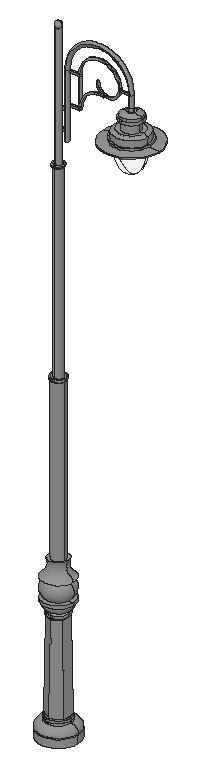
Revit family "svetilnik_alfresco_elegant-1-8_i_1-10", category Lighting Fixtures, Revit 2016 (continued)
Definition of nested family "Элегант"
  Types (2, lengths in mm): name | Photometric Web File | built-in parameter 1150105 | Lumens | built-in parameter 1150106 | built-in parameter 1150142 | Wattage
      665 44.52 63.315 82.095 112.86 143.625 192.36 241.08 369.00 496.935 736.785 976.635 1148.925 1321.215 1371.87 1422.525 1441.59 1460.655 1455.285 1449.9301 1357.77 1265.61 1075.365 885.135 645.78 406.41 281.40 156.39 130.80 105.21 85.245 65.28 \r\n49.71 34.125 26.415 18.72\r\n24.615 34.575 44.52 63.615 82.695 112.815 142.935 190.005 237.06 358.335 479.595 722.31 965.025 1106.04 1247.0699 1311.1801 1375.275 1404.885 1434.495 1421.4301 1408.365 1314.825 1221.285 1039.995 858.72 622.665 386.595 271.44 156.285 131.37 106.44 86.34 \r\n66.255 50.085 33.915 26.235 18.57\r\n24.39 34.38 44.37 63.615 82.845 112.56 142.26 187.65 233.025 349.98 466.935 690.075 913.23 1069.02 1224.825 1296.21 1367.61 1385.955 1404.3149 1386.45 1368.60 1257.99 1147.365 996.315 845.265 617.415 389.565 272.595 155.64 130.995 106.365 86.505 66.645 \r\n50.265 33.90 26.10 18.30\r\n24.165 34.23 44.31 63.60 82.89 112.14 141.39 186.315 231.225 343.47 455.715 679.83 903.96 1050.90 1197.84 1260.495 1323.15 1346.865 1370.595 1349.115 1327.635 1221.165 1114.6801 958.26 801.855 592.095 382.335 269.70 157.065 132.975 108.885 88.11 67.335 \r\n50.595 33.84 25.965 18.075\r\n23.925 34.11 44.31 63.81 83.31 112.545 141.795 184.155 226.50 332.175 437.85 660.975 884.115 1029.225 1174.335 1218.855 1263.36 1306.89 1350.4351 1320.4351 1290.4351 1200.5699 1110.705 956.745 802.77 583.92 365.055 261.06 157.065 134.22 111.375 89.595 \r\n67.815 50.76 33.705 25.80 17.88\r\n23.685 33.90 44.13 64.065 84.015 112.80 141.60 181.965 222.33 327.765 433.20 646.035 858.885 976.77 1094.67 1169.955 1245.225 1290.375 1335.51 1295.235 1254.9449 1172.625 1090.3051 923.25 756.21 563.415 370.62 264.51 158.385 134.805 111.21 89.745 68.28 \r\n50.895 33.51 25.62 17.715\r\n23.475 33.765 44.07 64.29 84.51 112.695 140.88 182.55 224.235 328.635 433.05 630.495 827.955 947.265 1066.575 1143.9449 1221.3149 1259.955 1298.595 1261.725 1224.87 1109.895 994.905 876.465 758.01 562.575 367.14 264.885 162.645 137.265 111.885 90.24 \r\n68.595 51.03 33.45 25.485 17.52\r\n23.295 33.675 44.07 64.485 84.90 113.055 141.21 183.36 225.525 331.98 438.45 611.19 783.93 920.76 1057.59 1126.095 1194.615 1215.12 1235.625 1221.8101 1208.01 1088.505 969.015 842.595 716.175 544.11 372.045 268.65 165.24 139.47 113.715 91.53 69.33 51.375 \r\n33.405 25.35 17.31\r\n23.115 33.555 43.995 64.485 84.975 113.16 141.33 182.085 222.84 320.01 417.165 593.115 769.065 894.18 1019.28 1069.785 1120.275 1167.72 1215.1801 1191.4351 1167.705 1079.91 992.13 835.875 679.62 522.435 365.25 266.265 167.28 142.005 116.745 93.165 69.60 \r\n51.435 33.27 25.17 17.07\r\n22.935 33.375 43.83 64.68 85.545 113.70 141.87 182.025 222.165 311.46 400.755 579.00 757.26 869.82 982.38 1035.705 1089.03 1153.92 1218.8101 1169.22 1119.615 1032.135 944.67 805.47 666.27 505.92 345.585 256.65 167.715 142.095 116.46 93.285 70.095 51.555 \r\n33.015 24.90 16.785\r\n22.65 33.165 43.665 65.025 86.385 114.27 142.14 183.165 224.175 309.555 394.935 555.78 716.61 826.89 937.155 1000.20 1063.245 1115.475 1167.72 1123.425 1079.145 993.855 908.565 792.75 676.92 510.39 343.845 257.91 171.975 143.835 115.68 93.225 70.755 51.75\r\n 32.745 24.615 16.50\r\n22.35 32.895 43.44 65.10 86.76 115.02 143.28 182.835 222.39 321.555 420.72 556.215 691.71 800.205 908.70 959.835 1010.955 998.79 986.61 987.015 987.42 932.01 876.60 758.10 639.60 509.76 379.92 277.50 175.065 145.65 116.22 93.765 71.31 51.96 32.61 24.405 \r\n16.20\r\n21.99 32.55 43.095 64.98 86.88 114.75 142.62 182.55 222.48 316.395 410.295 558.15 705.99 801.525 897.06 894.81 892.56 924.15 955.755 932.055 908.37 888.645 868.905 740.94 612.975 496.50 380.01 278.415 176.82 148.995 121.155 96.27 71.40 51.885 32.37 24.15 \r\n15.93\r\n21.645 32.22 42.81 64.65 86.49 114.90 143.325 182.805 222.285 306.27 390.255 546.645 703.05 763.32 823.605 825.195 826.785 883.83 940.875 913.65 886.425 838.365 790.305 715.365 640.425 499.335 358.26 268.605 178.95 149.865 120.78 95.97 71.16 51.645 32.145\r\n 23.91 15.66\r\n21.285 31.83 42.39 64.17 85.95 114.66 143.355 183.15 222.93 306.63 390.33 519.015 647.715 726.03 804.345 814.575 824.805 877.395 930.00 885.81 841.635 810.03 778.41 708.045 637.665 491.76 345.855 263.775 181.695 151.29 120.87 95.82 70.77 51.33 31.89 \r\n23.625 15.36\r\n20.955 31.515 42.075 63.645 85.23 113.505 141.78 180.57 219.36 309.345 399.33 512.49 625.65 707.22 788.79 758.25 727.71 744.315 760.92 741.75 722.565 726.975 731.37 653.67 575.97 467.325 358.68 268.635 178.59 149.16 119.73 95.085 70.44 51.09 31.74 23.415 \r\n15.105\r\n20.715 31.245 41.775 63.195 84.615 112.89 141.165 178.995 216.81 303.72 390.63 531.06 671.505 697.155 722.805 761.325 799.83 842.295 884.76 852.00 819.225 753.06 686.895 626.715 566.535 463.08 359.64 267.87 176.10 147.93 119.745 94.965 70.185 50.88 31.575\r\n 23.25 14.91\r\n20.535 31.035 41.55 62.805 84.075 111.915 139.755 177.72 215.70 296.07 376.425 527.55 678.66 705.00 731.325 719.46 707.595 793.59 879.57 850.425 821.265 773.76 726.24 674.325 622.41 491.40 360.39 267.195 174.00 146.76 119.52 94.725 69.93 50.715 31.515 \r\n23.145 14.79\r\n20.43 30.90 41.385 62.475 83.58 111.33 139.095 176.52 213.945 298.53 383.10 506.865 630.63 671.505 712.365 699.525 686.685 695.28 703.875 701.16 698.445 687.69 676.92 646.245 615.555 487.98 360.39 268.425 176.445 147.075 117.69 93.63 69.57 50.535 31.50 \r\n23.10 14.70\r\n20.31 30.765 41.22 62.16 83.10 110.085 137.07 175.185 213.30 302.49 391.68 504.855 618.015 679.305 740.58 717.24 693.885 760.965 828.045 762.60 697.155 660.42 623.67 589.56 555.435 460.395 365.37 270.885 176.415 145.95 115.50 92.37 69.24 50.385 31.53 \r\n23.055 14.58\r\n20.175 30.555 40.935 61.935 82.92 109.89 136.845 174.285 211.74 302.04 392.34 511.425 630.495 684.495 738.48 730.35 722.235 779.97 837.72 787.08 736.425 718.005 699.585 621.525 543.45 452.505 361.56 268.575 175.605 145.575 115.545 92.295 69.045 50.235 \r\n31.41 22.95 14.505\r\n20.085 30.435 40.77 61.74 82.71 109.815 136.905 173.97 211.035 299.715 388.41 508.515 628.62 651.66 674.685 675.975 677.25 732.06 786.87 763.05 739.245 721.02 702.78 627.72 552.66 461.445 370.23 272.895 175.575 145.14 114.705 91.89 69.075 50.19 31.305 \r\n22.86 14.43\r\n19.98 30.24 40.515 61.50 82.485 109.695 136.89 175.305 213.72 302.76 391.785 503.73 615.675 654.855 694.035 645.87 597.69 629.01 660.33 623.055 585.795 591.645 597.48 582.525 567.555 470.865 374.16 275.775 177.375 145.935 114.51 91.71 68.91 50.025 31.14 \r\n22.74 14.355\r\n19.86 30.015 40.185 61.32 82.44 109.05 135.675 174.06 212.43 303.87 395.295 503.895 612.495 655.605 698.73 688.95 679.185 751.11 823.02 763.50 703.98 658.92 613.875 577.98 542.07 455.04 367.995 274.86 181.725 147.99 114.255 91.635 69.00 49.935 30.855 \r\n22.56 14.265\r\n19.77 29.865 39.945 61.125 82.305 108.885 135.48 172.74 210.00 303.30 396.60 507.42 618.24 653.445 688.65 678.21 667.785 742.14 816.51 757.095 697.68 697.44 697.20 623.175 549.15 459.33 369.525 275.19 180.87 147.075 113.28 91.245 69.195 49.935 30.675 \r\n22.455 14.22\r\n19.71 29.685 39.645 60.99 82.32 109.32 136.32 174.255 212.19 301.665 391.14 498.645 606.15 645.135 684.12 658.65 633.18 694.98 756.795 729.27 701.76 670.635 639.51 594.375 549.255 463.14 377.025 278.415 179.79 147.045 114.30 91.86 69.42 49.92 30.435 \r\n22.305 14.19\r\n19.725 29.625 39.525 60.945 82.365 109.185 136.005 173.685 211.365 303.315 395.28 505.575 615.885 653.685 691.485 623.49 555.495 588.72 621.945 604.41 586.86 601.32 615.765 580.26 544.77 462.57 380.355 281.40 182.445 147.975 113.52 91.455 69.405 49.89 \r\n30.39 22.29 14.19\r\n19.77 29.565 39.345 60.81 82.26 109.035 135.795 173.07 210.33 302.835 395.34 507.135 618.93 647.175 675.435 678.225 681.015 736.755 792.51 720.855 649.20 659.985 670.77 605.475 540.195 458.475 376.77 279.78 182.79 148.29 113.805 91.68 69.54 49.935 30.33 \r\n22.305 14.28\r\n19.80 29.535 39.27 60.735 82.20 108.54 134.895 172.83 210.75 300.945 391.14 508.005 624.87 647.565 670.26 663.855 657.465 728.04 798.615 739.80 680.985 664.05 647.115 599.52 551.94 467.34 382.74 282.915 183.09 149.025 114.945 92.325 69.69 49.98 30.27 \r\n22.335 14.415\r\n19.875 29.52 39.165 60.72 82.29 108.87 135.45 173.22 210.99 302.385 393.765 506.34 618.915 662.235 705.57 660.93 616.305 674.445 732.57 696.24 659.91 645.915 631.92 591.165 550.41 462.495 374.58 279.705 184.83 149.145 113.46 91.56 69.675 49.935 30.21 \r\n22.35 14.49\r\n19.89 29.49 39.105 60.69 82.275 108.495 134.73 172.47 210.195 302.55 394.905 511.80 628.695 669.405 710.10 719.73 729.36 795.555 861.75 766.185 670.605 677.265 683.925 615.855 547.77 463.74 379.725 282.81 185.88 149.67 113.46 91.53 69.60 49.875 30.165 \r\n22.365 14.58\r\n19.86 29.445 39.015 60.735 82.47 108.84 135.225 174.03 212.835 304.245 395.655 511.335 627.015 666.81 706.605 722.67 738.735 813.45 888.15 819.36 750.555 736.125 721.68 634.515 547.365 463.635 379.92 282.87 185.82 149.685 113.55 91.575 69.60 49.815 30.045\r\n 22.35 14.655\r\n19.83 29.43 39.03 60.96 82.89 109.965 137.055 175.86 214.665 306.075 397.47 510.255 623.04 673.185 723.33 697.59 671.85 751.905 831.945 795.165 758.385 717.66 676.92 609.96 543.00 461.37 379.725 286.14 192.555 153.555 114.54 92.175 69.81 49.89 29.97 \r\n22.275 14.595\r\n19.725 29.325 38.925 61.26 83.58 110.235 136.905 175.38 213.855 306.435 399.03 514.155 629.295 683.055 736.83 729.84 722.85 787.29 851.73 766.29 680.85 692.325 703.80 625.815 547.83 463.815 379.80 284.265 188.73 152.19 115.65 92.865 70.08 49.95 29.82 \r\n22.185 14.535\r\n19.65 29.205 38.76 61.125 83.49 110.385 137.28 176.22 215.145 304.845 394.53 508.68 622.815 672.12 721.44 732.375 743.31 798.645 853.98 787.68 721.38 722.265 723.15 636.525 549.885 461.58 373.275 282.66 192.045 154.005 115.965 93.075 70.185 49.92 29.67 \r\n22.05 14.43\r\n19.53 29.10 38.67 61.005 83.34 110.355 137.385 175.935 214.485 306.525 398.55 506.625 614.685 667.98 721.275 708.795 696.315 765.15 833.97 789.705 745.44 725.355 705.285 624.51 543.735 458.295 372.855 283.275 193.71 155.205 116.70 93.39 70.08 49.77 29.46 \r\n21.885 14.31\r\n19.41 28.965 38.52 60.87 83.22 110.295 137.355 175.17 213.00 303.945 394.905 505.08 615.24 680.73 746.235 728.67 711.12 785.985 860.865 778.305 695.76 698.805 701.865 624.03 546.21 461.37 376.53 283.74 190.935 153.885 116.82 93.405 69.975 49.62 29.265 \r\n21.75 14.235\r\n19.32 28.845 38.37 60.855 83.34 110.325 137.31 175.68 214.05 305.19 396.33 504.615 612.90 675.42 737.955 738.03 738.12 789.075 840.03 796.50 752.955 736.92 720.885 633.735 546.60 459.525 372.45 282.825 193.20 154.965 116.715 93.315 69.915 49.515 29.10 \r\n21.615 14.13\r\n19.29 28.845 38.40 60.96 83.505 110.46 137.43 175.545 213.66 305.31 396.975 507.33 617.70 678.81 739.935 733.995 728.07 795.18 862.275 806.76 751.23 737.46 723.705 638.895 554.085 464.07 374.055 283.725 193.41 154.935 116.475 93.15 69.81 49.47 29.115 \r\n21.60 14.10\r\n19.29 28.845 38.40 60.84 83.28 110.22 137.175 175.53 213.885 304.875 395.88 509.175 622.485 682.395 742.305 722.31 702.33 786.72 871.11 790.815 710.52 713.535 716.565 635.895 555.21 465.21 375.21 284.28 193.35 155.01 116.67 93.255 69.825 49.425 29.025 \r\n21.555 14.085\r\n19.47 29.025 38.58 61.08 83.58 110.61 137.625 175.83 214.035 306.27 398.52 508.26 618.00 672.195 726.375 733.62 740.85 802.065 863.265 821.61 779.97 742.65 705.315 632.805 560.295 470.13 379.965 286.425 192.87 154.56 116.265 93.18 70.11 49.62 29.145 21.69\r\n 14.235\r\n19.68 29.205 38.715 61.20 83.70 110.79 137.88 176.295 214.725 307.365 400.02 511.875 623.73 684.285 744.84 747.45 750.045 809.55 869.04 797.04 725.055 730.56 736.065 651.795 567.525 472.005 376.485 285.615 194.73 155.55 116.355 93.33 70.32 49.83 29.355 \r\n21.885 14.415\r\n19.83 29.355 38.865 61.20 83.535 110.34 137.145 175.485 213.825 309.90 405.96 512.805 619.665 681.81 743.97 713.04 682.11 772.56 863.025 782.205 701.385 710.025 718.68 647.385 576.09 480.285 384.465 287.94 191.415 153.795 116.16 93.30 70.455 49.98 29.52 \r\n22.035 14.55\r\n19.935 29.475 39.00 61.125 83.265 110.265 137.25 175.395 213.525 306.48 399.45 510.885 622.32 665.955 709.59 706.395 703.20 778.785 854.355 819.435 784.50 735.51 686.505 634.425 582.33 483.30 384.255 287.775 191.31 153.72 116.13 93.075 70.035 49.845 29.67\r\n 22.17 14.67\r\n20.085 29.58 39.09 60.945 82.785 109.53 136.275 173.76 211.245 305.28 399.315 511.305 623.295 667.785 712.29 739.785 767.295 838.95 910.605 838.23 765.855 748.11 730.365 657.495 584.61 483.09 381.585 285.765 189.96 152.37 114.78 92.325 69.855 49.785 \r\n29.715 22.23 14.745\r\n20.205 29.625 39.03 60.78 82.53 109.05 135.57 172.905 210.255 306.375 402.51 513.51 624.51 665.82 707.115 663.075 619.02 669.765 720.51 670.995 621.48 656.16 690.825 637.305 583.77 486.135 388.50 287.31 186.12 149.895 113.67 91.605 69.525 49.635 29.73 \r\n22.275 14.82\r\n20.25 29.64 39.03 60.72 82.425 108.99 135.555 173.07 210.585 304.365 398.13 506.79 615.435 656.655 697.86 656.37 614.865 665.22 715.59 698.07 680.55 662.49 644.43 615.165 585.915 485.25 384.585 285.885 187.185 150.555 113.925 91.635 69.345 49.53 29.70 \r\n22.245 14.79\r\n20.25 29.67 39.075 60.63 82.185 108.795 135.405 172.47 209.535 306.165 402.795 513.165 623.55 647.49 671.43 669.18 666.93 753.345 839.76 767.295 694.845 674.505 654.15 618.30 582.45 485.07 387.705 285.93 184.14 148.56 112.965 90.99 69.015 49.32 29.625 \r\n22.185 14.76\r\n20.235 29.61 38.97 60.525 82.065 108.915 135.765 173.46 211.155 305.115 399.075 504.66 610.245 636.315 662.385 657.81 653.235 727.38 801.54 731.295 661.05 659.505 657.975 623.58 589.185 489.06 388.95 286.98 185.01 149.25 113.475 91.155 68.82 49.17 29.505 \r\n22.125 14.745\r\n20.205 29.595 38.985 60.57 82.155 108.66 135.165 172.215 209.25 307.23 405.21 507.48 609.75 654.36 698.97 648.465 597.975 620.745 643.53 658.665 673.785 671.79 669.795 626.355 582.93 487.05 391.17 287.745 184.32 148.845 113.355 90.99 68.625 49.065 29.52 \r\n22.065 14.625\r\n20.175 29.64 39.12 60.435 81.765 108.63 135.51 172.62 209.73 305.01 400.29 508.005 615.705 643.035 670.38 656.595 642.81 719.04 795.255 751.62 707.985 679.695 651.405 619.935 588.48 486.615 384.75 283.155 181.575 147.315 113.055 90.72 68.385 48.915 29.445\r\n 21.975 14.52\r\n20.19 29.70 39.21 60.36 81.495 108.57 135.645 174.33 213.00 306.195 399.375 505.095 610.83 649.29 687.765 686.34 684.93 753.705 822.48 765.465 708.45 701.265 694.08 633.63 573.165 477.765 382.365 281.115 179.865 146.715 113.565 90.84 68.10 48.825 29.535 \r\n22.02 14.49\r\n20.205 29.775 39.33 60.42 81.51 108.735 135.96 174.24 212.535 307.665 402.81 502.08 601.35 642.66 683.97 637.965 591.975 697.635 803.295 729.285 655.275 639.81 624.33 596.40 568.47 473.10 377.715 280.20 182.67 147.93 113.205 90.54 67.89 48.72 29.535 22.02\r\n 14.49\r\n20.325 29.82 39.315 60.315 81.30 108.45 135.60 172.965 210.315 304.305 398.295 500.79 603.27 641.91 680.535 662.055 643.56 675.435 707.31 702.855 698.415 669.09 639.765 614.70 589.65 483.03 376.425 278.145 179.865 146.565 113.265 90.51 67.755 48.69 29.64 \r\n22.095 14.535\r\n20.37 29.91 39.435 60.315 81.18 108.135 135.09 172.305 209.535 303.105 396.675 509.415 622.17 648.435 674.715 674.46 674.205 744.165 814.14 783.66 753.18 726.345 699.51 652.275 605.04 488.31 371.58 273.915 176.235 144.06 111.885 89.745 67.62 48.675 29.745\r\n 22.17 14.595\r\n20.475 29.985 39.51 60.345 81.165 108.525 135.885 173.325 210.765 302.40 394.035 504.915 615.78 668.505 721.23 727.695 734.16 786.165 838.185 797.115 756.03 718.80 681.585 633.51 585.435 478.80 372.165 274.08 176.01 144.39 112.755 90.18 67.605 48.60 \r\n29.595 22.11 14.64\r\n20.595 30.045 39.51 60.21 80.91 108.645 136.365 172.995 209.61 301.56 393.51 503.625 613.74 695.19 776.625 695.10 613.59 638.67 663.75 640.905 618.045 653.055 688.05 636.015 583.98 475.83 367.695 272.37 177.03 145.50 113.985 90.675 67.365 48.48 29.595 \r\n22.155 14.715\r\n20.67 30.105 39.54 60.33 81.12 108.855 136.59 174.90 213.21 301.875 390.525 516.66 642.795 680.28 717.75 709.455 701.16 779.685 858.195 812.925 767.67 727.65 687.645 665.70 643.755 501.465 359.175 267.96 176.745 145.335 113.94 90.615 67.305 48.405 29.52 \r\n22.14 14.76\r\n20.805 30.15 39.495 60.495 81.495 110.055 138.615 176.445 214.29 301.95 389.595 538.38 687.165 704.805 722.445 740.52 758.595 806.61 854.625 833.64 812.67 772.68 732.69 691.395 650.10 499.62 349.14 264.03 178.92 147.00 115.065 91.215 67.35 48.345 29.355 \r\n22.095 14.835\r
